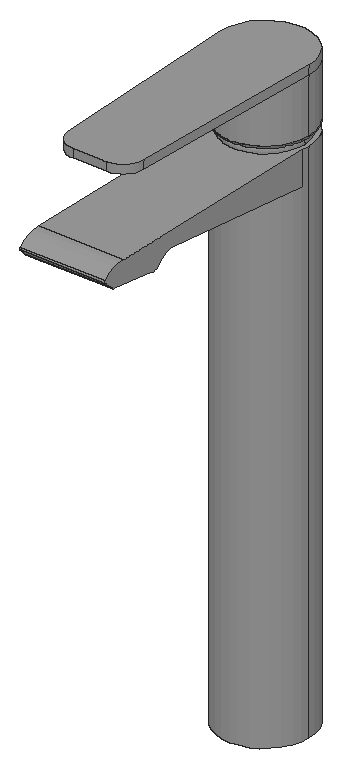
Revit family "LAV ALTA URBAN-N ANTIQUE BRONZE", category Plumbing Fixtures, Revit 2019
Family settings
  Round Connector Dimension = Use Diameter
  Part Type = Normal
  OmniClass Number = 23.45.00.00
  OmniClass Title = Sanitary, Laundry, and Cleaning Equipment
  Work Plane-Based = No
  Always vertical = Yes
  Cut with Voids When Loaded = No
  Shared = No
  Room Calculation Point = No
Reference planes
  plane 1 "Center (Front/Back)": y = 0
  plane 2: z = 0
  plane 3 "Center (Left/Right)": x = 0
Forms (mm)
  Revolve 1, solid
    sketch origin (0, 0, 0) x (1, 0, 0) y (0, 0, 1)
      loop
        line (0, -149.598) -> (21, -149.598) -> (21, 102.5) -> (18.733, 102.5)
        arc (18.733, 102.5) -> (18.612, 104.438) -> (17.459, 106) r 3.429
        line (17.459, 106) -> (20.103, 106)
        arc (20.103, 106) -> (20.737, 106.263) -> (21, 106.897) r 0.897
        line (21, 106.897) -> (21, 133) -> (0, 133) -> (0, -149.598)
      axis (0, -149.598) -> (0, 133)
    angle from 0 to 360
  Extrusion 2, solid
    sketch origin (0, 0, 0) x (0, 1, 0) y (0, 0, 1)
      loop
        line (0, 102.5) -> (-110, 102.5)
        arc (-110, 102.5) -> (-115.813, 101.328) -> (-120.717, 97.995) r 15
        arc (-120.717, 97.995) -> (-120.931, 97.467) -> (-120.712, 96.943) r 0.748
        line (-120.712, 96.943) -> (-117.498, 93.729)
        arc (-117.498, 93.729) -> (-116.384, 92.93) -> (-115.073, 92.53) r 4.218
        line (-115.073, 92.53) -> (-93.08, 89.598)
        arc (-93.08, 89.598) -> (-90.816, 89.818) -> (-88.884, 91.019) r 5
        line (-88.884, 91.019) -> (-87.267, 92.636)
        arc (-87.267, 92.636) -> (-84.28, 94.52) -> (-80.773, 94.935) r 8
        line (-80.773, 94.935) -> (0, 86.445) -> (0, 102.5)
    from -19.774 to 20.597
  Extrusion 3, solid
    sketch origin (0, 0, 0) x (1, 0, 0) y (0, 1, 0)
      loop
        line (-21, 0) -> (-17.705, -94.349)
        arc (-17.705, -94.349) -> (-14.658, -101.193) -> (-7.711, -104) r 10
        line (-7.711, -104) -> (7.711, -104)
        arc (7.711, -104) -> (14.658, -101.193) -> (17.705, -94.349) r 10
        line (17.705, -94.349) -> (21, 0)
        arc (21, 0) -> (0, 21) -> (-21, 0) r 21
    from 133 to 137.025
Cuts and joins
  joined: Revolve 1, Extrusion 2
Dimensions and locks
  aligned and locked: level to plane 2
